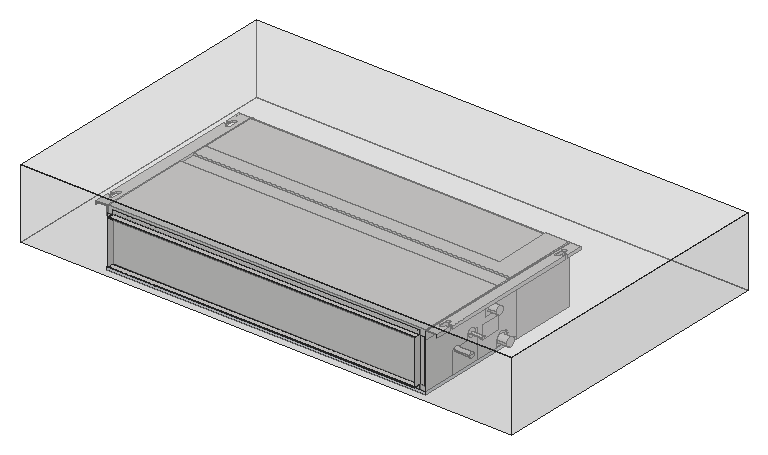
Revit family "outputfile", category 機械設備, Revit 2024
Family settings
  丸型コネクタ寸法 = 半径を使用
  パーツ タイプ = 標準
  OmniClass 番号 = 23.75.10.24.21.27.27
  OmniClass タイトル = Split System Air Conditioning Units
  作業面ベース = いいえ
  常に垂直 = はい
  ロード時にボイドで切り取り = いいえ
  注釈の向きを維持 = いいえ
  共有 = いいえ
  部屋計算ポイント = はい
Parameters (values of type "FXDQ63NDVE4")
  Description = ""
  製造元 = "Daikin"
  書き出し IFC クラス(タイプ) = "IfcUnitaryEquipmentType"
  定義済み IFC タイプ(タイプ) = "AIRCONDITIONINGUNIT"
  Cost = 0
  モデル = "FXDQ63NDVE4"
  Type Comments = ""
  Keynote = ""
  Type Image = (empty or 0)
  Assembly Code = ""
  w_pipe = 33.0 mm
  r_Liquid Pipe Size = Liquid Pipe Size / 2  # 4.75 mm
  r_Gas Pipe Size = Gas Pipe Size / 2  # 7.95 mm
  r_Drain Pipe Size = Drain Pipe Size / 2  # 10.0 mm
  lw_powersupply = 504.0 mm
  lw_ductflange2 = 1020.0 mm
  lw_Width = 1060.0 mm
  lh_suctionflange [instance] = if(Rear Connection_Return Air, 100.0 mm + [h***], 190.0 mm + [h***])  # 100.0 mm
  ld_suctionflange [instance] = if(Rear Connection_Return Air, 190.0 mm, 100.0 mm)  # 190.0 mm
  ld_powersupply = 60.0 mm
  angle_vertical_RA [instance] = if(Rear Connection_Return Air, 90.00°, 0.00°)  # 90.00°
  angle horizontal_RA [instance] = if(Rear Connection_Return Air, 180.00°, 270.00°)  # 180.00°
  Voltage_comment_60Hz = "220"
  Voltage_comment_50Hz = "220-240"
  Voltage_60Hz = 220 V
  Voltage_50Hz = 220 V
  URL = ""
  Supply Air Direction [instance] = yes
  Sound Power Level_H speed (dB) = 59
  Rear Connection_Return Air [instance] = not(Bottom Connection_Return Air)  # yes
  RA_length = 190.0 mm  # constant formula
  Phase_60Hz = 1
  Phase_50Hz = 1
  Minimum External Static Pressure = 15.00 Pa
  Minimum Circuit Amps_60Hz = 1.4 A
  Minimum Circuit Amps_50Hz = 1.1 A
  Maximum Fuse Amps_60Hz = 16.0 A
  Maximum Fuse Amps_50Hz = 16.0 A
  Maximum External Static Pressure = 44.00 Pa
  Material_Casing = DAIKIN_GalvanizedSteel_Casing_indoorunit
  lw_liquidpipe = 46.0 mm  # constant formula
  lw_gaspipe = 57.0 mm  # constant formula
  lw_mountinghole_pitch = 1140.0 mm
  lw_mountinghole = 20.0 mm  # constant formula
  lw_drainpipe = 33.0 mm  # constant formula
  lh_powersupply = 10.0 mm
  lh_liquidpipe = 110.0 mm
  lh_gaspipe = 87.0 mm
  lh_mountinghole = Height + [h***]  # 200.0 mm
  lh_drainpipe = 150.0 mm
  lh_antena = 1.0 mm  # constant formula
  ld_liquidpipe = 193.0 mm  # constant formula
  ld_gaspipe = 130.0 mm  # constant formula
  ld_mountinghole_pitch = 0.0 mm  # constant formula
  ld_drainpipe = 280.0 mm
  ld_controlbox = 626.0 mm  # constant formula
  h*** = 0.0 mm  # constant formula
  d_dischargeflange = 21.2 mm  # constant formula
  Width = 1100.0 mm
  Version = "ver.1.0"
  Unit Type = "Slim Duct (Standard) Type"
  Unit Mass Weight = 31.00 kg
  Unit Designation [instance] = ""
  Uniclass2015Version = "Products v1.30"
  Uniclass2015Title = "Variable refrigerant flow units"
  Uniclass2015Code = "Pr_70_65_03_94"
  Total Heating Capacity [instance] = 0.000 kW
  Total Cooling Capacity [instance] = 0.000 kW
  Sound Pressure Level_M speed (dBA) = 0
  Sound Pressure Level_L speed (dBA) = 29
  Sound Pressure Level_H speed (dBA) = 33
  Series = "VRV Fan Coil Unit"
  Sensible Cooling Capacity [instance] = 0.000 kW
  SA Duct Size Width = 1060.0 mm
  SA Duct Size Height = 153.0 mm
  Refrigerant Type = "R410A"
  RA Duct Size Width = 1000.0 mm
  RA Duct Size Height = 180.0 mm
  Power Input (Heating) = 0.168 kW
  Power Input (Cooling) = 0.181 kW
  Option Accessory 3 [instance] = ""
  Option Accessory 2 [instance] = ""
  Option Accessory 1 [instance] = ""
  Nominal Heating Capacity = 8.000 kW
  Nominal Cooling Capacity = 7.100 kW
  Minimum Airflow = 780.00 m³/h
  Median Airflow = 870.00 m³/h
  Maximum Airflow = 990.00 m³/h
  Load Classification = HVAC
  Liquid Pipe Size = 9.5 mm
  Link_Nested Family [instance] = ""
  IfcVersion = "0"
  IfcExportType = "AIRCONDITIONINGUNIT"
  IfcExportAs = "IfcUnitaryEquipmentType"
  Height = 200.0 mm
  Heating Entering Wet Bulb Temperature [instance] = 0.00 °C
  Heating Entering Dry Bulb Temperature [instance] = 0.00 °C
  Heating Ambient Wet Bulb Temperature [instance] = 0.00 °C
  Heating Ambient Dry Bulb Temperature [instance] = 0.00 °C
  Heat Exchanger Type = "Cross Fin Coil"
  Gas Pipe Size = 15.9 mm
  Frequency_60Hz = 60 Hz
  Frequency_50Hz = 50 Hz
  Fan Type = "Sirocco Fan"
  Fan Drive = "Direct Drive"
  FCU Tag No. [instance] = ""
  Drain Pipe Size = 20.0 mm
  Design Supply Airflow [instance] = 0.00 m³/h
  Design Return Airflow [instance] = 0.00 m³/h
  Design External Static Pressure [instance] = 0.00 Pa
  Depth = 620.0 mm
  既定の高さ = 0.0 mm
  Cooling Entering Wet Bulb Temperature [instance] = 0.00 °C
  Cooling Entering Dry Bulb Temperature [instance] = 0.00 °C
  Cooling Ambient Wet Bulb Temperature [instance] = 0.00 °C
  Cooling Ambient Dry Bulb Temperature [instance] = 0.00 °C
  Clearance visibility [instance] = yes
  Clearance Top = 20.0 mm
  Clearance Right = 300.0 mm
  Clearance Rear = 400.0 mm
  Clearance Left = 300.0 mm
  Clearance Front = 0.0 mm
  Clearance Bottom = 20.0 mm
  Bottom Connection_Return Air [instance] = no
Reference planes
  plane 1 "Center (Front/Back)": y = 0
  plane 2: z = 0
  plane 3 "Center (Left/Right)": x = 0
  plane 4 "Back": y = 310
  plane 5 "Front": y = -310
  plane 6 "Left": x = -550
  plane 7 "Right": x = 550
  plane 8 "Top": z = 0
  plane 9 "Bottom": z = -200
  plane 10: x = 330
  plane 11: x = -330
  plane 12: z = -190
  plane 13: z = -6
  plane 14: z = -22
  plane 15: z = -90
  plane 16: z = -113
  plane 17: x = -304
  plane 18: x = 304
  plane 19: x = -570
  plane 20: x = 570
  plane 21: y = 250
  plane 22: y = 250
  plane 23: x = -590
  plane 24: x = 390
  plane 25: x = 596
  plane 26: x = 607
  plane 27: x = 583
  plane 28: z = 0
  plane 29: z = -50
  plane 30 "Clearance Left": x = -850
  plane 31 "Clearance Right": x = 850
  plane 32 "Clearance Rear": y = 710
  plane 33 "Clearance Front": y = -310
  plane 34 "Clearance Top": z = 20
  plane 35 "Clearance Bottom": z = -220
  plane 36: z = -21
  plane 37: z = -170
  plane 38: z = -96.5
  plane 39: x = -40
  plane 40: y = -180
  plane 41: y = -117
  plane 42: y = -30
  plane 43: y = 20
  plane 44: z = -97.5
  plane 45: y = -309
  plane 46: x = -549
  plane 47: z = -100
  plane 48: z = -30
  plane 49: y = 210
  plane 50: z = 301
  plane 51: z = -199
  plane 52: y = 120
  plane 53: z = -101
  plane 54: x = 580
  plane 55: x = 545
  plane 56: x = 555
  plane 57: x = 551
  plane 58: x = 469
  plane 59: x = 549.004
  plane 60: x = -549
  plane 61: x = 504
  plane 62: z = -189
Forms (mm)
  Extrusion 1, solid
    sketch origin (0, 0, 0) x (1, 0, 0) y (0, 0, 1)
      loop
        line (-550, -190) -> (-550, -200) -> (550, -200) -> (550, -190) -> (-550, -190)
    from -84 to 310
  Extrusion 2, solid, material "DAIKIN_GalvanizedSteel_Casing_indoorunit" <- "Material_Casing"
    sketch origin (0, 0, 0) x (1, 0, 0) y (0, 1, 0)
      loop
        line (-550, -309) -> (550, -309) -> (550, 310) -> (-550, 310) -> (-550, -309)
    from -200 to 0
  Extrusion 3, void
    sketch origin (0, 0, 1) x (1, 0, 0) y (0, 1, 0)
      loop
        line (-550, 62.179) -> (-550, 4.179) -> (550, 4.179) -> (550, 62.179) -> (-550, 62.179)
    from -1 to -7
  Extrusion 4, void
    sketch origin (0, 0, 0) x (0, 1, 0) y (0, 0, 1)
      loop
        line (-5, -190) -> (45, -190) -> (45, -170)
        arc (45, -170) -> (20, -145) -> (-5, -170) r 25
        line (-5, -170) -> (-5, -190)
    from 550 to 545
  Revolve 5, solid, material "DAIKIN_GalvanizedSteel_Casing_indoorunit" <- "Material_Casing"
    sketch origin (0, 0, -113) x (0, -1, 0) y (1, 0, 0)
      loop
        line (172.05, 551) -> (180, 551) -> (180, 607) -> (172.05, 607) -> (172.05, 551)
      axis (180, 551) -> (180, 607)
    angle from 0 to 360
  Revolve 6, solid, material "DAIKIN_GalvanizedSteel_Casing_indoorunit" <- "Material_Casing"
    sketch origin (0, 0, -90) x (0, -1, 0) y (1, 0, 0)
      loop
        line (117, 551) -> (117, 596) -> (112.25, 596) -> (112.25, 551) -> (117, 551)
      axis (117, 596) -> (117, 551)
    angle from 0 to 360
  Extrusion 7, solid, material "DAIKIN_GalvanizedSteel_Casing_indoorunit" <- "Material_Casing"
    sketch origin (0, 0, 0) x (0, 1, 0) y (0, 0, 1)
      loop
        circle (-116, -90) r 12.7
    from 550 to 555
  Extrusion 8, solid, material "DAIKIN_GalvanizedSteel_Casing_indoorunit" <- "Material_Casing"
    sketch origin (0, 0, 0) x (0, 1, 0) y (0, 0, 1)
      loop
        circle (20, -170) r 15
    from 580 to 545
  Extrusion 9, solid, material "DAIKIN_GalvanizedSteel_Casing_indoorunit" <- "Material_Casing"
    sketch origin (0, 0, 0) x (0, 1, 0) y (0, 0, 1)
      loop
        line (-52, -30) -> (-52, -70) -> (-11, -70) -> (-11, -30) -> (-52, -30)
    from 550 to 551
  Extrusion 10, solid, material "DAIKIN_GalvanizedSteel_Casing_indoorunit" <- "Material_Casing"
    sketch origin (0, 0, 0) x (0, 1, 0) y (0, 0, 1)
      loop
        circle (-30, -50.064) r 13
    from 550 to 583
  Extrusion 11, solid, material "DAIKIN_GalvanizedSteel_Casing_indoorunit" <- "Material_Casing"
    sketch origin (0, 0, 0) x (0, 1, 0) y (0, 0, 1)
      loop
        line (-63.609, -90) -> (-63.609, -136) -> (0.391, -136) -> (0.391, -90) -> (-63.609, -90)
    from 550 to 551
  Extrusion 12, solid, material "DAIKIN_GalvanizedSteel_Casing_indoorunit" <- "Material_Casing"
    sketch origin (0, 0, 0) x (1, 0, 0) y (0, 0, 1)
      loop
        line (-550, -190) -> (-550, -200) -> (550, -200) -> (550, -190) -> (-550, -190)
    from -84 to 310
  Extrusion 13, solid, material "DAIKIN_GalvanizedSteel_Casing_indoorunit" <- "Material_Casing", visible <- "Bottom Connection_Return Air"
    sketch origin (0, 0, 0) x (1, 0, 0) y (0, 0, 1)
      loop
        line (469, -200) -> (469, -1) -> (-549, -1) -> (-549, -200) -> (469, -200)
    from -310 to -309
  Extrusion 14, void
    sketch origin (0, 0, 0) x (1, 0, 0) y (0, 0, 1)
      loop
        line (469, 0) -> (-549, 0) -> (-549, -1) -> (469, -1) -> (469, 0)
    from -310 to -111
  Extrusion 15, solid, material "DAIKIN_GalvanizedSteel_Casing_indoorunit" <- "Material_Casing", visible <- "Rear Connection_Return Air"
    sketch origin (0, 0, 0) x (1, 0, 0) y (0, 1, 0)
      loop
        line (-549, 310) -> (-549, 111) -> (469, 111) -> (469, 310) -> (-549, 310)
    from -200 to -199
  Extrusion 16, solid, material "DAIKIN_GalvanizedSteel_Casing_indoorunit" <- "Material_Casing"
    sketch origin (0, 0, 0) x (0, 1, 0) y (0, 0, 1)
      loop
        line (-194, -113) -> (-194, -190) -> (-88.3, -190) -> (-88.3, -90) -> (-103.3, -90)
        arc (-103.3, -90) -> (-116, -102.7) -> (-128.7, -90) r 12.7
        line (-128.7, -90) -> (-128.7, -113) -> (-173.65, -113)
        arc (-173.65, -113) -> (-180, -119.35) -> (-186.35, -113) r 6.35
        line (-186.35, -113) -> (-194, -113)
    from 551 to 550
  Extrusion 17, solid, material "DAIKIN_GalvanizedSteel_Casing_indoorunit" <- "Material_Casing"
    sketch origin (0, 0, 0) x (0, 1, 0) y (0, 0, 1)
      loop
        line (84, -199) -> (310, -199) -> (310, -22) -> (91, -22) -> (84, -29) -> (84, -199)
    from 551 to 550
Cuts and joins
  Extrusion 3, Extrusion 4, Extrusion 14 cuts Extrusion 2
  Extrusion 4 cuts Extrusion 1
  Extrusion 14 cuts Extrusion 12
Dimensions and locks
  "lh_powersupply": plane 12 to plane 9 "Bottom"
  locked: plane 8 "Top" to plane 13 at 6
  "Height": plane 8 "Top" to plane 9 "Bottom"
  equal spacing: plane 17, plane 3 "Center (Left/Right)", plane 18, locked at 304 each
  locked: plane 17 to plane 18 at 608
  equal spacing: plane 19, plane 3 "Center (Left/Right)", plane 20
  "lw_mountinghole_pitch": plane 19 to plane 20
  locked: plane 14 to plane 9 "Bottom" at 178
  "lw_mountinghole": plane 23 to plane 19
  "lh_liquidpipe": plane 15 to plane 9 "Bottom"
  "lh_gaspipe": plane 16 to plane 9 "Bottom"
  "lh_mountinghole": plane 28 to plane 9 "Bottom"
  "ld_mountinghole_pitch": plane 22 to plane 21
  equal spacing: plane 6 "Left", plane 3 "Center (Left/Right)", plane 7 "Right"
  "Width": plane 6 "Left" to plane 7 "Right"
  "lh_drainpipe": plane 29 to plane 9 "Bottom"
  "Clearance Right": plane 7 "Right" to plane 31 "Clearance Right"
  "Clearance Left": plane 30 "Clearance Left" to plane 6 "Left"
  "lw_gaspipe": plane 7 "Right" to plane 26
  "lw_liquidpipe": plane 7 "Right" to plane 25
  "lw_drainpipe": plane 7 "Right" to plane 27
  "Clearance Rear": plane 32 "Clearance Rear" to plane 4 "Back"
  "Clearance Front": plane 5 "Front" to plane 33 "Clearance Front"
  "Clearance Top": plane 34 "Clearance Top" to plane 8 "Top"
  "Clearance Bottom": plane 9 "Bottom" to plane 35 "Clearance Bottom"
  "ld_powersupply": plane 4 "Back" to plane 22
  locked: plane 8 "Top" to plane 36 at 21
  locked: plane 8 "Top" to plane 37 at 170
  locked: plane 40 to plane 41 at 63
  locked: plane 38 to plane 9 "Bottom" at 103.5
  locked: plane 36 to plane 44 at 76.5
  "Depth": plane 4 "Back" to plane 5 "Front"
  equal spacing: plane 4 "Back", plane 1 "Center (Front/Back)", plane 5 "Front"
  locked: plane 45 to plane 5 "Front" at 1
  locked: plane 46 to plane 6 "Left" at 1
  Extrusion 13 sketch curve to Extrusion 13 sketch curve = 199.0 mm
  nested 11 to plane 39 = 500.0 mm
  locked: plane 12 to plane 47 at 90
  plane 32 "Clearance Rear" to Extrusion 13 = 401.0 mm
  locked: plane 48 to plane 35 "Clearance Bottom" at 190
  plane 49 to nested 12 = 90.0 mm
  plane 50 to plane 28 = 301.0 mm
  locked: plane 51 to plane 9 "Bottom" at 1
  "ld_suctionflange": plane 4 "Back" to plane 52
  locked: plane 53 to plane 9 "Bottom" at 99
  locked: plane 7 "Right" to plane 54 at 30
  locked: plane 55 to plane 7 "Right" at 5
  locked: plane 7 "Right" to plane 56 at 5
  locked: plane 7 "Right" to plane 57 at 1
  plane 7 "Right" to plane 58 = 81.0 mm
  locked: plane 7 "Right" to plane 59 at 0.996
  locked: plane 60 to plane 6 "Left" at 1
  "lw_powersupply": plane 3 "Center (Left/Right)" to plane 61
  "r_Gas Pipe Size": nested 6 to Revolve 5 sketch curve
  "r_Liquid Pipe Size": nested 5 to Revolve 6 sketch curve
  locked: plane 62 to plane 9 "Bottom" at 11
  aligned and locked: level to plane 2
  aligned and locked: Extrusion 2 to plane 9 "Bottom"
  aligned and locked: plane 8 "Top" to Extrusion 2
  aligned and locked: Revolve 5 sketch curve to Revolve 5 sketch curve
  aligned and locked: plane 15 to Extrusion 7 sketch curve
  aligned and locked: cut or joined group of Extrusion 1, Extrusion 4 to plane 9 "Bottom"
  aligned and locked: plane 27 to Extrusion 10
  aligned and locked: plane 25 to nested 5
  aligned and locked: nested 5 to plane 15
  aligned and locked: nested 1 to plane 22
  aligned and locked: plane 20 to nested 2
  aligned and locked: plane 19 to nested 3
  aligned and locked: plane 22 to nested 4
  aligned and locked: nested 4 to plane 22
  aligned and locked: plane 19 to nested 4
  aligned and locked: plane 29 to nested 7
  aligned and locked: Extrusion 10 to nested 7
  aligned and locked: plane 27 to nested 7
  aligned and locked: nested 10 to plane 12
  aligned and locked: Extrusion 12 to plane 5 "Front"
  aligned and locked: Extrusion 12 to plane 9 "Bottom"
  aligned and locked: nested 6 to plane 16
  aligned and locked: plane 40 to nested 6
  aligned and locked: plane 41 to nested 5
  aligned and locked: plane 42 to nested 7
  aligned and locked: Extrusion 8 sketch curve to plane 43
  aligned and locked: plane 4 "Back" to Extrusion 14
  aligned and locked: Extrusion 15 to nested 12
  aligned and locked: plane 8 "Top" to Extrusion 3
  aligned and locked: Extrusion 13 to cut or joined group of Extrusion 2, Extrusion 3, Extrusion 4, Extrusion 14
  aligned and locked: plane 9 "Bottom" to Extrusion 15  (x2)
  aligned and locked: Extrusion 15 to plane 51
  aligned and locked: plane 4 "Back" to nested 11
  aligned and locked: Extrusion 14 to level
  aligned and locked: plane 32 "Clearance Rear" to nested 13
  aligned and locked: plane 31 "Clearance Right" to nested 13
  aligned and locked: plane 30 "Clearance Left" to nested 13
  aligned and locked: nested 13 to plane 33 "Clearance Front"
  aligned and locked: nested 13 to plane 34 "Clearance Top"
  aligned and locked: nested 13 to plane 35 "Clearance Bottom"
  aligned and locked: plane 7 "Right" to Extrusion 16  (x2)
  aligned and locked: plane 4 "Back" to Extrusion 17
  aligned and locked: Extrusion 17 to plane 51
  aligned and locked: plane 7 "Right" to Extrusion 17  (x2)
  aligned and locked: Extrusion 16 to Revolve 5 sketch curve
  aligned and locked: Extrusion 3 to plane 13
  aligned and locked: plane 52 to nested 14
  aligned and locked: nested 12 to Extrusion 14
  aligned and locked: Extrusion 11 to plane 7 "Right"
  aligned and locked: Extrusion 7 to plane 7 "Right"
  aligned and locked: plane 7 "Right" to cut or joined group of Extrusion 2, Extrusion 3, Extrusion 4, Extrusion 14  (x2)
  aligned and locked: cut or joined group of Extrusion 2, Extrusion 3, Extrusion 4, Extrusion 14 to plane 55
  aligned and locked: Extrusion 8 to plane 55
  aligned and locked: plane 54 to Extrusion 8
  aligned and locked: plane 56 to Extrusion 7
  aligned and locked: plane 57 to Extrusion 17
  aligned and locked: Extrusion 16 to plane 57
  aligned and locked: Extrusion 11 to plane 57
  aligned and locked: plane 26 to nested 6
  aligned and locked: Extrusion 9 to plane 57
  aligned and locked: Extrusion 9 to plane 7 "Right"
  aligned and locked: Extrusion 10 to plane 7 "Right"
  aligned and locked: plane 58 to Extrusion 14 sketch curve
  aligned and locked: Extrusion 13 sketch curve to plane 58
  aligned and locked: plane 3 "Center (Left/Right)" to nested 15
  aligned and locked: Extrusion 15 to plane 58
  aligned and locked: plane 6 "Left" to nested 11
  aligned and locked: plane 8 "Top" to nested 15
  aligned and locked: plane 4 "Back" to nested 15
  aligned and locked: cut or joined group of Extrusion 2, Extrusion 3, Extrusion 4, Extrusion 14 to plane 45
  aligned and locked: nested 10 to plane 61
  aligned and locked: plane 20 to nested 1
  aligned and locked: nested 12 to plane 58
  aligned and locked: nested 9 to plane 1 "Center (Front/Back)"
  aligned and locked: plane 3 "Center (Left/Right)" to nested 9
  aligned and locked: plane 51 to nested 12
  aligned and locked: nested 11 to plane 51
  aligned and locked: nested 16 to plane 62
  aligned and locked: plane 13 to nested 16
  aligned and locked: plane 45 to nested 16
  aligned and locked: level to plane 8 "Top"
Automatic sketch dimensions
  Extrusion 1 sketch curve to plane 6 "Left" = 0.0 mm
  Extrusion 1 sketch curve to plane 7 "Right" = 0.0 mm
  Extrusion 1 sketch curve to plane 9 "Bottom" = 0.0 mm
  Extrusion 1 sketch curve to plane 12 = 0.0 mm
  Extrusion 2 sketch curve to plane 4 "Back" = 0.0 mm
  Extrusion 2 sketch curve to plane 6 "Left" = 0.0 mm
  Extrusion 2 sketch curve to plane 7 "Right" = 0.0 mm
  Extrusion 2 sketch curve to plane 45 = 0.0 mm
  Extrusion 3 sketch curve to plane 6 "Left" = 0.0 mm
  Extrusion 3 sketch curve to plane 7 "Right" = 0.0 mm
  Extrusion 3 sketch curve to plane 1 "Center (Front/Back)" = 4.179 mm
  plane 43 to Extrusion 3 sketch curve = 42.179 mm
  Extrusion 4 sketch curve to plane 37 = 0.0 mm
  Extrusion 4 sketch curve to plane 12 = 0.0 mm
  Extrusion 4 sketch curve to plane 43 = 0.0 mm
  plane 1 "Center (Front/Back)" to Extrusion 4 sketch curve = 5.0 mm
  plane 41 to Extrusion 7 sketch curve = 1.0 mm
  Extrusion 8 sketch curve to plane 37 = 0.0 mm
  Extrusion 9 sketch curve to plane 42 = 22.0 mm
  plane 1 "Center (Front/Back)" to Extrusion 9 sketch curve = 11.0 mm
  plane 15 to Extrusion 9 sketch curve = 20.0 mm
  Extrusion 9 sketch curve to plane 14 = 8.0 mm
  Extrusion 10 sketch curve to plane 42 = 0.0 mm
  Extrusion 10 sketch curve to plane 29 = 0.064 mm
  plane 15 to Extrusion 11 sketch curve = 0.0 mm
  Extrusion 11 sketch curve to plane 42 = 33.609 mm
  Extrusion 11 sketch curve to plane 1 "Center (Front/Back)" = 0.391 mm
  Extrusion 11 sketch curve to plane 16 = 23.0 mm
  Extrusion 12 sketch curve to plane 6 "Left" = 0.0 mm
  Extrusion 12 sketch curve to plane 7 "Right" = 0.0 mm
  Extrusion 12 sketch curve to plane 9 "Bottom" = 0.0 mm
  Extrusion 12 sketch curve to plane 12 = 0.0 mm
  plane 46 to Extrusion 13 sketch curve = 0.0 mm
  plane 46 to Extrusion 14 sketch curve = 0.0 mm
  Extrusion 14 sketch curve to plane 8 "Top" = 1.0 mm
  Extrusion 15 sketch curve to plane 46 = 0.0 mm
  Extrusion 15 sketch curve to plane 4 "Back" = 0.0 mm
  plane 18 to Extrusion 15 sketch curve = 165.0 mm
  plane 43 to Extrusion 15 sketch curve = 91.0 mm
  plane 35 "Clearance Bottom" to Extrusion 14 sketch curve = 220.0 mm
  Extrusion 13 sketch curve to plane 51 = 1.0 mm
  Extrusion 16 sketch curve to plane 12 = 0.0 mm
  Extrusion 16 sketch curve to plane 16 = 0.0 mm
  Extrusion 16 sketch curve to plane 40 = 0.0 mm
  Extrusion 16 sketch curve to plane 15 = 0.0 mm
  Extrusion 16 sketch curve to Extrusion 16 sketch curve = 6.35 mm
  Extrusion 16 sketch curve to Extrusion 16 sketch curve = 7.65 mm
  Extrusion 16 sketch curve to plane 41 = 11.7 mm
  plane 41 to Extrusion 16 sketch curve = 1.0 mm
  Extrusion 16 sketch curve to Extrusion 16 sketch curve = 27.7 mm
  Extrusion 17 sketch curve to plane 51 = 0.0 mm
  Extrusion 17 sketch curve to plane 14 = 0.0 mm
  plane 48 to Extrusion 17 sketch curve = 1.0 mm
  plane 43 to Extrusion 17 sketch curve = 64.0 mm
  Extrusion 17 sketch curve to Extrusion 17 sketch curve = 7.0 mm
  Extrusion 17 sketch curve to plane 4 "Back" = 0.0 mm
  Revolve 5 sketch curve to plane 26 = 0.0 mm
  Revolve 5 sketch curve to plane 40 = 0.0 mm
  Revolve 5 sketch curve to Revolve 5 sketch curve = 1.003 mm
  plane 26 to Revolve 5 sketch curve = 1.003 mm
  Revolve 6 sketch curve to plane 41 = 0.0 mm  (x2)
  Revolve 6 sketch curve to plane 25 = 0.0 mm  (x2)
  Revolve 6 sketch curve to plane 57 = 0.0 mm  (x2)
  radius of Extrusion 7 sketch curve = 12.7 mm
  radius of Extrusion 8 sketch curve = 15.0 mm
  radius of Extrusion 10 sketch curve = 13.0 mm
Nested families
  nested 1: "daikin_mountinghole" at (570, 250, -200), l_antenna <- "lh_antena", Link_Nested Family <- "Link_Nested Family", h_mountinghole <- "lh_mountinghole", type "daikin_mountinghole"
    with show yes, l_antenna 1.0 mm, h_mountinghole 200.0 mm, Link_Nested Family ""
  nested 2: "daikin_mountinghole" at (570, -250, -200), Link_Nested Family <- "Link_Nested Family", l_antenna <- "lh_antena", h_mountinghole <- "lh_mountinghole", type "daikin_mountinghole"
    with show yes, l_antenna 1.0 mm, h_mountinghole 200.0 mm, Link_Nested Family ""
  nested 3: "daikin_mountinghole" at (-570, -250, -200), l_antenna <- "lh_antena", Link_Nested Family <- "Link_Nested Family", h_mountinghole <- "lh_mountinghole", type "daikin_mountinghole"
    with show yes, l_antenna 1.0 mm, h_mountinghole 200.0 mm, Link_Nested Family ""
  nested 4: "daikin_mountinghole" at (-570, 250, -200), l_antenna <- "lh_antena", Link_Nested Family <- "Link_Nested Family", h_mountinghole <- "lh_mountinghole", type "daikin_mountinghole"
    with show yes, l_antenna 1.0 mm, h_mountinghole 200.0 mm, Link_Nested Family ""
  nested 5: "daikin_connector_rotate2" at (550, -117, -90) x (0, 1, 0) z (0, 0, 1), length <- "lw_liquidpipe", built-in parameter 1001364 <- "lh_liquidpipe", radius <- "r_Liquid Pipe Size", type "daikin_connector_rotate2"
    with radius 4.75 mm, length 46.0 mm, angle_vertical 90.00°
  nested 6: "daikin_connector_rotate2" at (550, -180, -113) x (0, 1, 0) z (0, 0, 1), length <- "lw_gaspipe", built-in parameter 1001364 <- "lh_gaspipe", radius <- "r_Gas Pipe Size", type "daikin_connector_rotate2"
    with radius 7.95 mm, length 57.0 mm, angle_vertical 90.00°
  nested 7: "daikin_connector_rotate2" at (550, -30, -50) x (0, 1, 0) z (0, 0, 1), built-in parameter 1001364 <- "lh_drainpipe", length <- "lw_drainpipe", radius <- "r_Drain Pipe Size", type "daikin_connector_rotate2"
    with radius 10.0 mm, length 33.0 mm, angle_vertical 90.00°
  nested 8: "daikin_connector_rotate2" at (0, -309, -97.5), length <- "d_dischargeflange", type "daikin_connector_rotate2"
    with radius 10.0 mm, length 21.2 mm, angle_vertical 90.00°
  nested 9: "daikin_△_symbolicline" at (-75, -129.904, 200) x (-0.5, 0.866, 0) z (0, 0, 1), built-in parameter 1001364 <- "Height", visible <- "Supply Air Direction", type "daikin_△_symbolicline"
    with length 300.0 mm
  nested 10: "daikin_connector_rotate2" at (504, 250, -190) x (-1, 0, 0) z (0, 0, 1), built-in parameter 1001364 <- "lw_powersupply", length <- "ld_powersupply", type "daikin_connector_rotate2"
    with radius 10.0 mm, length 60.0 mm, angle_vertical 90.00°
  nested 11: "daikin_ductflange_FXDQ-NDVE4_2" at (-40, 310, -100), visible <- "Rear Connection_Return Air", material <- "Material_Casing", width <- "lw_ductflange2", type "daikin_ductflange_FXDQ-NDVE4_2"
    with width 1020.0 mm, material DAIKIN_GalvanizedSteel_Casing_indoorunit, height 180.0 mm, depth 21.2 mm
  nested 12: "daikin_ductflange_FXDQ-NDVE4_2" at (-40, 210, -200) x (1, 0, 0) z (0, 1, 0), visible <- "Bottom Connection_Return Air", material <- "Material_Casing", width <- "lw_ductflange2", type "daikin_ductflange_FXDQ-NDVE4_2"
    with width 1020.0 mm, material DAIKIN_GalvanizedSteel_Casing_indoorunit, height 180.0 mm, depth 21.2 mm
  nested 13: "daikin_clearancespace" at (0, 200, -99.881), visible <- "Clearance visibility", show <- "Clearance visibility", Link_Nested Family <- "Link_Nested Family", type "daikin_clearancespace"
    with width 1700.0 mm, show yes, height 240.0 mm, depth 1020.0 mm, Link_Nested Family ""
  nested 14: "daikin_connector_rotate3" at (-40, 120, -100), built-in parameter 1001364 <- "lh_suctionflange", angle_vertical <- "angle_vertical_RA", angle_horizontal <- "angle horizontal_RA", length <- "RA_length", type "daikin_connector_rotate3"
    with show no, radius 10.0 mm, length 190.0 mm, angle_vertical 90.00°, angle_horizontal 180.00°
  nested 15: "daikin_hangerfixture_FXDQ-NDVE4" at (0, 0.5, 0), type "daikin_hangerfixture_FXDQ-NDVE4"
    with width 1100.0 mm
  nested 16: "daikin_ductflange_FXDQ-NDVE4_1" at (0, 4.5, -364.201), material <- "Material_Casing", width <- "lw_Width", type "daikin_ductflange_FXDQ-NDVE4_1"
    with width 1060.0 mm, material DAIKIN_GalvanizedSteel_Casing_indoorunit, height 155.0 mm, depth 21.2 mm
Connectors
  piping at (607, -180, -113), diameter 15.9, driven by "r_Gas Pipe Size"
    settings: on nested 6, index 1, connector inside diameter 609.6 mm, connector length 0.0 mm, flow factor 0, pipe flow 0.00 m³/h, pressure drop 0.0 Pa, fitting loss kfactor 0, connector angle 0.00°, fixture units 0, engagement length 0.0 mm, angle of deflection 0.00°, flow configuration 1, flow direction 2, fitting loss method 0, system type 29, joint type 0, gender type 0, connector reference index -1, connector utility 0, adjustable connector no, is connector primary yes, connector description "Refrigerant Gas Piping"
  piping at (596, -117, -90), diameter 9.5, driven by "r_Liquid Pipe Size"
    settings: on nested 5, index 2, connector inside diameter 609.6 mm, connector length 0.0 mm, flow factor 0, pipe flow 0.00 m³/h, pressure drop 0.0 Pa, fitting loss kfactor 0, connector angle 0.00°, fixture units 0, engagement length 0.0 mm, angle of deflection 0.00°, flow configuration 1, flow direction 1, fitting loss method 0, system type 29, joint type 0, gender type 0, connector reference index -1, connector utility 0, adjustable connector no, is connector primary no, connector description "Refrigerant Liquid Piping"
  piping at (583, -30, -50), diameter 20, driven by "r_Drain Pipe Size"
    settings: on nested 7, index 3, connector inside diameter 609.6 mm, connector length 0.0 mm, flow factor 0, pipe flow 0.00 m³/h, pressure drop 0.0 Pa, fitting loss kfactor 0, connector angle 0.00°, fixture units 0, engagement length 0.0 mm, angle of deflection 0.00°, flow configuration 1, flow direction 2, fitting loss method 4, system type 16, joint type 0, gender type 0, connector reference index -1, connector utility 0, adjustable connector no, is connector primary no, connector description "Condensate Drain Piping"
  hvac at (0, -330.2, -97.5), driven by "SA Duct Size Height", driven by "SA Duct Size Width"
    settings: on nested 8, index 7, duct flow 0.00 m³/h, flow factor 0, pres drop 0.00 Pa, loss coef 0, conn angle 0.00°, conn width 1060.0 mm, conn height 153.0 mm, conn diameter 609.6 mm, duct sys type 1, conn prof type 1, flow config 0, flow direction 2, loss method 4, conn ref index -1, conn util no, is conn primary yes, conn desc "SA Duct"
  electrical at (504, 310, -190), driven by "Load Classification"
    settings: on nested 10, index 9, voltage 0 V, apparent load 0 VA, apparent load phase1 0 VA, apparent load phase2 0 VA, apparent load phase3 0 VA, power factor 1, load classification "HVAC", number of poles 1, system type 30, power factor state 1, is connector primary yes, connector utility no, sub classification motor no, connector description "Power Supply"
  hvac at (-40, 310, -100), driven by "RA Duct Size Height", driven by "RA Duct Size Width"
    settings: on nested 14, index 10, duct flow 0.00 m³/h, flow factor 0, pres drop 0.00 Pa, loss coef 0, conn angle 0.00°, conn width 1000.0 mm, conn height 180.0 mm, conn diameter 609.6 mm, duct sys type 2, conn prof type 1, flow config 0, flow direction 1, loss method 4, conn ref index -1, conn util no, is conn primary no, conn desc "RA Duct"
Definition of nested family "daikin_ductflange_FXDQ-NDVE4_2"
  Parameters (values of type "daikin_ductflange_FXDQ-PDVE2")
    width [instance] = 620.0 mm
    material [instance] = none
    height [instance] = 180.0 mm
    depth [instance] = 21.2 mm
    Default Elevation = 0.0 mm
  Reference planes
    plane 1 "Center (Front/Back)": y = 0
    plane 2: z = 0
    plane 3 "Center (Left/Right)": x = 0
    plane 4: y = -313.5
    plane 5: y = -334.7
    plane 6: x = -310
    plane 7: x = 310
    plane 8: z = 90
    plane 9: z = -90
    plane 10: z = 100
    plane 11: z = -100
    plane 12: x = -309
    plane 13: x = 309
  Forms (mm)
    Extrusion 1, solid, material <- "material"
      sketch origin (0, 0, 0) x (1, 0, 0) y (0, 0, 1)
        loop
          line (-300, 90) -> (-300, -90) -> (300, -90) -> (300, 90) -> (-300, 90)
        loop
          line (-309, -99) -> (309, -99) -> (309, 99) -> (-309, 99) -> (-309, -99)
      from 0 to 1
  Dimensions and locks
    plane 4 to plane 1 "Center (Front/Back)" = 313.5 mm
    "depth": plane 5 to plane 4
    equal spacing: plane 7, plane 3 "Center (Left/Right)", plane 6, locked at 310 each
    "width": plane 7 to plane 6
    equal spacing: plane 8, level, plane 9, locked at 90 each
    "height": plane 8 to plane 9
    equal spacing: plane 10, level, plane 11, locked at 100 each
    locked: plane 10 to plane 11 at 200
    plane 12 to plane 6 = 1.0 mm
    locked: plane 7 to plane 13 at 1
    locked: Extrusion 1 sketch curve to Extrusion 1 sketch curve at 9  (x4)
    locked: plane 10 to Extrusion 1 sketch curve at 1
    locked: Extrusion 1 sketch curve to plane 11 at 1
    aligned and locked: level to plane 2
  Automatic sketch dimensions
    plane 6 to Extrusion 1 sketch curve = 1.0 mm
    Extrusion 1 sketch curve to plane 7 = 1.0 mm
Definition of nested family "daikin_clearancespace"
  Parameters (values of type "daikin_clearancespace")
    width [instance] = 1823.963 mm
    show [instance] = yes
    material = none
    height [instance] = 1359.762 mm
    depth [instance] = 880.0 mm
    Default Elevation = 0.0 mm
    Link_Nested Family [instance] = ""
  Reference planes
    plane 1 "Center (Front/Back)": y = 0
    plane 2 "Center (Elevation)": z = -0.119
    plane 3 "Center (Left/Right)": x = 0
    plane 4: y = 440
    plane 5: y = -440
    plane 6 "Right": x = 911.982
    plane 7 "Left": x = -911.982
    plane 8 "Top": z = 679.762
    plane 9 "Bottom": z = -680
  Forms (mm)
    Extrusion 1, solid, material <- "material", visible <- "show"
      sketch origin (0, 0, 0) x (1, 0, 0) y (0, 1, 0)
        loop
          line (-911.982, 440) -> (-911.982, -440) -> (911.982, -440) -> (911.982, 440) -> (-911.982, 440)
      from -680 to 679.762
  Lines and regions (mm)
    symbolic lines, visible <- "show"
      curve 1: line (911.982, 440, 0) -> (-911.982, 440, 0)
      curve 2: line (-911.982, 440, 0) -> (-911.982, -440, 0)
      curve 3: line (-911.982, -440, 0) -> (911.982, -440, 0)
      curve 4: line (911.982, -440, 0) -> (911.982, 440, 0)
      curve 5: line (911.982, 0, 679.762) -> (-911.982, 0, 679.762)
      curve 6: line (911.982, 0, -680) -> (911.982, 0, 679.762)
      curve 7: line (-911.982, 0, -680) -> (911.982, 0, -680)
      curve 8: line (-911.982, 0, 679.762) -> (-911.982, 0, -680)
      curve 9: line (0, 440, 679.762) -> (0, -440, 679.762)
      curve 10: line (0, -440, 679.762) -> (0, -440, -680)
      curve 11: line (0, 440, -680) -> (0, 440, 679.762)
      curve 12: line (0, -440, -680) -> (0, 440, -680)
  Dimensions and locks
    "width": plane 7 "Left" to plane 6 "Right"
    "depth": plane 4 to plane 5
    "height": plane 8 "Top" to plane 9 "Bottom"
    equal spacing: plane 7 "Left", plane 3 "Center (Left/Right)", plane 6 "Right"
    equal spacing: plane 4, plane 1 "Center (Front/Back)", plane 5
    equal spacing: plane 8 "Top", plane 2 "Center (Elevation)", plane 9 "Bottom"
    aligned and locked: level to plane 2 "Center (Elevation)"
    aligned and locked: Extrusion 1 sketch curve to plane 4
    aligned and locked: plane 7 "Left" to Extrusion 1 sketch curve
    aligned and locked: Extrusion 1 sketch curve to plane 5
    aligned and locked: Extrusion 1 sketch curve to plane 6 "Right"
    aligned and locked: plane 8 "Top" to Extrusion 1
    aligned and locked: curve 1 to Extrusion 1
    aligned and locked: curve 2 to Extrusion 1
    aligned and locked: curve 3 to Extrusion 1
    aligned and locked: curve 4 to Extrusion 1
    aligned and locked: curve 5 to Extrusion 1
    aligned and locked: curve 6 to Extrusion 1
    aligned and locked: curve 7 to Extrusion 1
    aligned and locked: curve 8 to Extrusion 1
    aligned and locked: curve 9 to Extrusion 1
    aligned and locked: curve 10 to Extrusion 1
    aligned and locked: curve 11 to Extrusion 1
    aligned and locked: curve 12 to Extrusion 1
    aligned and locked: Extrusion 1 to plane 9 "Bottom"
Definition of nested family "daikin_hangerfixture_FXDQ-NDVE4"
  Parameters (values of type "daikin_hangerfixture_FXDQ-PDVE")
    width = 900.0 mm
    material = none
    height = 30.0 mm
    depth = 619.0 mm
    Default Elevation = 0.0 mm
  Reference planes
    plane 1 "Center (Front/Back)": y = 0
    plane 2: z = 0
    plane 3 "Center (Left/Right)": x = 0
    plane 4: x = 450
    plane 5: y = 309.5
    plane 6: y = -309.5
    plane 7: x = -450
    plane 8: z = -30
  Forms (mm)
    Extrusion 1, solid, material <- "material"
      sketch origin (0, 0, 0) x (1, 0, 0) y (0, 0, 1)
        loop
          line (450, 0) -> (450, -30) -> (452.3, -30) -> (452.3, -2.3) -> (487.7, -2.3) -> (487.7, -10) -> (490, -10) -> (490, 0) -> (450, 0)
      from -309.5 to 309.5
    Extrusion 2, void
      sketch origin (0, 0, 0) x (0, 1, 0) y (0, 0, 1)
        loop
          line (309.5, -30) -> (309.5, -17.979) -> (87.935, -17.979) -> (75.914, -30) -> (309.5, -30)
      from 0 to 550
    Extrusion 3, void
      sketch origin (0, 0, 0) x (1, 0, 0) y (0, 1, 0)
        loop
          line (490, -244) -> (477, -244) -> (477, -237.5)
          arc (477, -237.5) -> (470, -230.5) -> (463, -237.5) r 7
          line (463, -237.5) -> (463, -263.5)
          arc (463, -263.5) -> (470, -270.5) -> (477, -263.5) r 7
          line (477, -263.5) -> (477, -257) -> (490, -257) -> (490, -244)
        loop
          line (490, 243) -> (490, 256) -> (477, 256) -> (477, 262.5)
          arc (477, 262.5) -> (470, 269.5) -> (463, 262.5) r 7
          line (463, 262.5) -> (463, 236.5)
          arc (463, 236.5) -> (470, 229.5) -> (477, 236.5) r 7
          line (477, 236.5) -> (477, 243) -> (490, 243)
      from -254.96 to 618
    Extrusion 4, solid, material <- "material"
      sketch origin (0, 0, 0) x (-1, 0, 0) y (0, 0, -1)
        loop
          line (450, 0) -> (490, 0) -> (490, 10) -> (487.7, 10) -> (487.7, 2.3) -> (452.3, 2.3) -> (452.3, 30) -> (450, 30) -> (450, 0)
      from -309.5 to 309.5
    Extrusion 5, void
      sketch origin (0, 0, 0) x (-1, 0, 0) y (0, -1, 0)
        loop
          line (490, 244) -> (490, 257) -> (477, 257) -> (477, 263.5)
          arc (477, 263.5) -> (470, 270.5) -> (463, 263.5) r 7
          line (463, 263.5) -> (463, 237.5)
          arc (463, 237.5) -> (470, 230.5) -> (477, 237.5) r 7
          line (477, 237.5) -> (477, 244) -> (490, 244)
        loop
          line (490, -243) -> (477, -243) -> (477, -236.5)
          arc (477, -236.5) -> (470, -229.5) -> (463, -236.5) r 7
          line (463, -236.5) -> (463, -262.5)
          arc (463, -262.5) -> (470, -269.5) -> (477, -262.5) r 7
          line (477, -262.5) -> (477, -256) -> (490, -256) -> (490, -243)
      from -254.96 to 618
  Cuts and joins
    Extrusion 2, Extrusion 3, Extrusion 5 cuts Extrusion 1
    Extrusion 5 cuts Extrusion 4
  Dimensions and locks
    equal spacing: plane 5, plane 1 "Center (Front/Back)", plane 6
    "depth": plane 5 to plane 6
    plane 6 to plane 1 "Center (Front/Back)" to plane 5 = 309.5 mm, 309.5 mm
    equal spacing: plane 4, plane 3 "Center (Left/Right)", plane 7
    "width": plane 4 to plane 7
    "height": level to plane 8
    locked: plane 4 to Extrusion 2 at 100
    aligned and locked: level to plane 2
    aligned and locked: plane 5 to Extrusion 1
    aligned and locked: Extrusion 1 to plane 6
    aligned and locked: Extrusion 1 to plane 4
    aligned and locked: plane 5 to cut or joined group of Extrusion 1, Extrusion 2, Extrusion 3, Extrusion 5
    aligned and locked: cut or joined group of Extrusion 1, Extrusion 2, Extrusion 3, Extrusion 5 to plane 6
    aligned and locked: level to cut or joined group of Extrusion 1, Extrusion 2, Extrusion 3, Extrusion 5
    aligned and locked: cut or joined group of Extrusion 1, Extrusion 2, Extrusion 3, Extrusion 5 to plane 8
    aligned and locked: plane 5 to cut or joined group of Extrusion 4, Extrusion 5
    aligned and locked: cut or joined group of Extrusion 4, Extrusion 5 to plane 6
  Automatic sketch dimensions
    Extrusion 1 sketch curve to plane 4 = 0.0 mm
    Extrusion 1 sketch curve to plane 8 = 0.0 mm
    Extrusion 1 sketch curve to level = 0.0 mm
    plane 4 to Extrusion 1 sketch curve = 2.3 mm
    Extrusion 1 sketch curve to level = 2.3 mm
    Extrusion 1 sketch curve to Extrusion 1 sketch curve = 35.4 mm
    Extrusion 1 sketch curve to Extrusion 1 sketch curve = 2.3 mm
    Extrusion 1 sketch curve to Extrusion 1 sketch curve = 7.7 mm
    Extrusion 2 sketch curve to plane 8 = 0.0 mm
    Extrusion 2 sketch curve to plane 5 = 0.0 mm
    plane 8 to Extrusion 2 sketch curve = 12.021 mm
    Extrusion 2 sketch curve to plane 1 "Center (Front/Back)" = 87.935 mm
    Extrusion 2 sketch curve to Extrusion 2 sketch curve = 12.021 mm
    plane 4 to Extrusion 3 sketch curve = 13.0 mm  (x2)
    Extrusion 3 sketch curve to Extrusion 3 sketch curve = 7.0 mm  (x4)
    Extrusion 3 sketch curve to Extrusion 3 sketch curve = 13.0 mm  (x4)
    plane 6 to Extrusion 3 sketch curve = 46.0 mm
    Extrusion 3 sketch curve to Extrusion 3 sketch curve = 6.5 mm  (x4)
    Extrusion 3 sketch curve to plane 5 = 73.0 mm
    Extrusion 4 sketch curve to plane 7 = 0.0 mm
    Extrusion 4 sketch curve to plane 8 = 0.0 mm
    Extrusion 4 sketch curve to level = 0.0 mm
    Extrusion 4 sketch curve to plane 7 = 2.3 mm
    Extrusion 4 sketch curve to level = 2.3 mm
    Extrusion 4 sketch curve to Extrusion 4 sketch curve = 35.4 mm
    Extrusion 4 sketch curve to Extrusion 4 sketch curve = 2.3 mm
    Extrusion 4 sketch curve to Extrusion 4 sketch curve = 7.7 mm
    Extrusion 5 sketch curve to plane 7 = 13.0 mm  (x2)
    Extrusion 5 sketch curve to Extrusion 5 sketch curve = 7.0 mm  (x4)
    Extrusion 5 sketch curve to Extrusion 5 sketch curve = 13.0 mm  (x4)
    Extrusion 5 sketch curve to plane 5 = 47.0 mm
    Extrusion 5 sketch curve to Extrusion 5 sketch curve = 6.5 mm  (x4)
    plane 6 to Extrusion 5 sketch curve = 72.0 mm
Definition of nested family "daikin_ductflange_FXDQ-NDVE4_1"
  Parameters (values of type "daikin_ductflange_FXDQ-NDVE")
    width [instance] = 860.0 mm
    material [instance] = none
    height [instance] = 155.0 mm
    depth [instance] = 21.2 mm
    Default Elevation = 0.0 mm
  Reference planes
    plane 1 "Center (Front/Back)": y = 0
    plane 2: z = 189.201
    plane 3 "Center (Left/Right)": x = 0
    plane 4: y = -313.5
    plane 5: x = -430
    plane 6: x = 430
    plane 7: y = -334.7
    plane 8: z = 344.201
    plane 9: z = 266.701
    plane 10: z = 343.201
    plane 11: z = 190.201
  Forms (mm)
    Extrusion 1, solid, material <- "material"
      sketch origin (0, 0, 189.201) x (1, 0, 0) y (0, 1, 0)
        loop
          line (-430, -334.7) -> (-430, -313.5) -> (-448, -313.5) -> (-448, -314.5) -> (-431, -314.5) -> (-431, -334.7) -> (-430, -334.7)
        loop
          line (430, -334.7) -> (431, -334.7) -> (431, -314.5) -> (448, -314.5) -> (448, -313.5) -> (430, -313.5) -> (430, -334.7)
      from 1 to 154
    Extrusion 2, solid, material <- "material"
      sketch origin (0, 0, 0) x (0, 1, 0) y (0, 0, 1)
        loop
          line (-313.5, 343.201) -> (-313.5, 358.201) -> (-314.5, 358.201) -> (-314.5, 344.201) -> (-334.7, 344.201) -> (-334.7, 343.201) -> (-313.5, 343.201)
        loop
          line (-313.5, 190.201) -> (-334.7, 190.201) -> (-334.7, 189.201) -> (-314.5, 189.201) -> (-314.5, 175.201) -> (-313.5, 175.201) -> (-313.5, 190.201)
      from -430 to 430
  Dimensions and locks
    plane 4 to plane 1 "Center (Front/Back)" = 313.5 mm
    "depth": plane 7 to plane 4
    equal spacing: plane 8, plane 9, level
    "height": plane 8 to level
    equal spacing: plane 6, plane 3 "Center (Left/Right)", plane 5
    "width": plane 6 to plane 5
    plane 5 to plane 6 = 860.0 mm
    locked: plane 8 to plane 10 at 1
    locked: plane 11 to level at 1
    locked: Extrusion 1 to Extrusion 2 sketch curve at 1
    locked: Extrusion 2 sketch curve to Extrusion 1 at 1
    locked: Extrusion 1 sketch curve to Extrusion 1 sketch curve at 1
    locked: Extrusion 1 sketch curve to plane 5 at 18
    locked: Extrusion 1 to plane 5 at 18
    locked: plane 6 to Extrusion 1 at 18
    locked: plane 5 to Extrusion 1 at 18
    locked: Extrusion 1 to plane 6 at 18
    aligned and locked: level to plane 2
    aligned and locked: Extrusion 2 to plane 5
    aligned and locked: Extrusion 2 to plane 11
    aligned and locked: Extrusion 2 to plane 10
    aligned and locked: plane 6 to Extrusion 2
    aligned and locked: plane 5 to Extrusion 2  (x2)
    aligned and locked: plane 5 to Extrusion 1  (x2)
    aligned and locked: Extrusion 1 to plane 6
    aligned and locked: plane 6 to Extrusion 1
    aligned and locked: Extrusion 1 to plane 10
  Automatic sketch dimensions
    Extrusion 1 sketch curve to plane 4 = 0.0 mm  (x2)
    Extrusion 1 sketch curve to plane 7 = 0.0 mm  (x2)
    plane 5 to Extrusion 1 sketch curve = 0.0 mm
    Extrusion 1 sketch curve to plane 5 = 1.0 mm
    plane 6 to Extrusion 1 sketch curve = 1.0 mm
    Extrusion 2 sketch curve to plane 7 = 0.0 mm  (x2)
    Extrusion 2 sketch curve to plane 4 = 0.0 mm  (x2)
    Extrusion 2 sketch curve to plane 11 = 0.0 mm
    Extrusion 2 sketch curve to plane 10 = 0.0 mm
    Extrusion 2 sketch curve to plane 4 = 1.0 mm  (x2)
    Extrusion 2 sketch curve to level = 14.0 mm
    plane 8 to Extrusion 2 sketch curve = 14.0 mm
    Extrusion 1 sketch curve to Extrusion 1 sketch curve = 17.0 mm
    Extrusion 1 sketch curve to plane 4 = 1.0 mm
    Extrusion 1 sketch curve to plane 6 = 0.0 mm
Definition of nested family "daikin_mountinghole"
  Parameters (values of type "daikin_mountinghole")
    Default Elevation = 1219.2 mm
    Type Comments = "mountinghole"
    show [instance] = yes
    material = none
    l_centerline = 100.0 mm
    l_antenna [instance] = 100.0 mm
    h_mountinghole [instance] = 0.0 mm
    d_circle = 30.0 mm
    Link_Nested Family [instance] = ""
  Reference planes
    plane 1 "Center (Front/Back)": y = 0
    plane 2: z = 0
    plane 3 "Center (Left/Right)": x = 0
    plane 4: y = 50
    plane 5: x = -50
    plane 6: x = 50
    plane 7: y = -50
    plane 8 "h_mountinghole": z = 0
    plane 9: z = 100
  Lines and regions (mm)
    model lines, detail levels fine
      curve 1: circle (0, 0, 0) r 15 normal (0, 0, 1)
      curve 2: line (-50, 0, 0) -> (50, 0, 0)
      curve 3: line (0, 50, 0) -> (0, -50, 0)
    symbolic lines, detail levels fine
      curve 4: circle (0, 0, 0) r 15 normal (0, 0, 1)
      curve 5: line (-50, 0, 0) -> (50, 0, 0)
      curve 6: line (0, 50, 0) -> (0, -50, 0)
    model lines
      curve 7: line (0, 0, 100) -> (0, 0, 0)
  Dimensions and locks
    equal spacing: plane 4, plane 1 "Center (Front/Back)", plane 7
    "l_centerline": plane 4 to plane 7
    equal spacing: plane 5, plane 3 "Center (Left/Right)", plane 6
    "l_centerline": plane 5 to plane 6
    "l_antenna": plane 9 to plane 8 "h_mountinghole"
    "h_mountinghole": plane 8 "h_mountinghole" to plane 2
    "d_circle": diameter of curve 1
    "d_circle": diameter of curve 4
    aligned and locked: level to plane 2
    aligned and locked: plane 1 "Center (Front/Back)" to curve 1
    aligned and locked: plane 3 "Center (Left/Right)" to curve 1
    aligned and locked: plane 1 "Center (Front/Back)" to curve 2
    aligned and locked: curve 3 to plane 3 "Center (Left/Right)"
    aligned and locked: plane 6 to curve 2
    aligned and locked: plane 5 to curve 2
    aligned and locked: plane 4 to curve 3
    aligned and locked: plane 7 to curve 3
    aligned and locked: plane 1 "Center (Front/Back)" to curve 4
    aligned and locked: plane 3 "Center (Left/Right)" to curve 4
    aligned and locked: plane 6 to curve 5
    aligned and locked: plane 5 to curve 5
    aligned and locked: plane 1 "Center (Front/Back)" to curve 5
    aligned and locked: plane 4 to curve 6
    aligned and locked: plane 7 to curve 6
    aligned and locked: curve 6 to plane 3 "Center (Left/Right)"
    aligned and locked: curve 7 to plane 3 "Center (Left/Right)"
    aligned and locked: plane 9 to curve 7
    aligned and locked: plane 8 "h_mountinghole" to curve 7
Definition of nested family "daikin_connector_rotate2"
  Parameters (values of type "daikin_connector_rotate2")
    Default Elevation = 1219.2 mm
    show_face = no
    radius [instance] = 10.0 mm
    length [instance] = 600.0 mm
    d_surface = 10.0 mm
    angle_vertical [instance] = 90.00°
  Reference planes
    plane 1 "Center (Front/Back)": y = 0
    plane 2: z = 0
    plane 3 "Center (Left/Right)": x = 0
  Forms (mm)
    Extrusion 1, solid, visible <- "show_face"
      sketch origin (0, -600, 0) x (1, 0, 0) y (0, 0, 1)
        loop
          circle (0, 0) r 10
      from 0 to -10
  Lines and regions (mm)
    reference lines
      curve 1: line (0, 0, 0) -> (0, -600, 0)
    symbolic lines
      curve 2: circle (0, 0, 0) r 5 normal (0, 0, 1)
    model lines, visible <- "show_face"
      curve 3: line (0, 0, 0) -> (0, -600, 0)
  Dimensions and locks
    "length": curve 1 to curve 1
    "length": curve 3 to curve 3
    "d_surface": Extrusion 1 to Extrusion 1
    "radius": radius of Extrusion 1 sketch curve
    "angle_vertical": angle curve 1 to plane 1 "Center (Front/Back)"
    "angle_vertical": angle curve 3 to plane 1 "Center (Front/Back)"
    aligned and locked: level to plane 2
    aligned and locked: plane 1 "Center (Front/Back)" to curve 1
    aligned and locked: plane 2 to curve 1
    aligned and locked: plane 1 "Center (Front/Back)" to curve 2
    aligned and locked: plane 3 "Center (Left/Right)" to curve 2
    aligned and locked: plane 1 "Center (Front/Back)" to curve 3
    aligned and locked: plane 2 to curve 3
    aligned and locked: Extrusion 1 to Extrusion 1
  Automatic sketch dimensions
    Extrusion 1 sketch curve to level = 0.0 mm
    Extrusion 1 sketch curve to plane 3 "Center (Left/Right)" = 0.0 mm
    radius of curve 2 = 5.0 mm
Definition of nested family "daikin_△_symbolicline"
  Parameters (values of type "daikin_△_symbolicline")
    length [instance] = 500.0 mm
    Default Elevation = 0.0 mm
  Reference planes
    plane 1 "Center (Front/Back)": y = 0
    plane 2: z = 0
    plane 3 "Center (Left/Right)": x = 0
  Lines and regions (mm)
    symbolic lines
      curve 1: line (0, -433.013, 0) -> (250, 0, 0)
      curve 2: line (250, 0, 0) -> (-250, 0, 0)
      curve 3: line (-250, 0, 0) -> (0, -433.013, 0)
  Dimensions and locks
    equal spacing: curve 3, plane 3 "Center (Left/Right)", curve 2
    "length": curve 3 to curve 2
    "length": curve 3 to curve 3
    "length": curve 1 to curve 1
    aligned and locked: level to plane 2
    aligned and locked: curve 2 to plane 1 "Center (Front/Back)"
    aligned and locked: plane 3 "Center (Left/Right)" to curve 3
Definition of nested family "daikin_connector_rotate3"
  Parameters (values of type "daikin_connector_rotate3")
    Default Elevation = 1219.2 mm
    show [instance] = yes
    radius [instance] = 10.0 mm
    length [instance] = 600.0 mm
    angle_horizontal [instance] = 60.00°
    angle_vertical [instance] = 90.00°
  Reference planes
    plane 1 "Center (Front/Back)": y = 0
    plane 2: z = 0
    plane 3 "Center (Left/Right)": x = 0
  Dimensions and locks
    "angle_horizontal": angle plane 3 "Center (Left/Right)" to nested 1
    aligned and locked: level to plane 2
    aligned and locked: plane 1 "Center (Front/Back)" to nested 1  (x2)
    aligned and locked: plane 3 "Center (Left/Right)" to nested 1
  Nested families
    nested 1: "daikin_connector_rotate2" at (0, 0, 0) x (0.5, 0.866, 0) z (0, 0, 1), angle_vertical <- "angle_vertical", length <- "length", radius <- "radius", type "daikin_connector_rotate2"
      with radius 10.0 mm, length 600.0 mm, angle_vertical 90.00°
  Definition of nested family "daikin_connector_rotate2"
    Parameters (values of type "daikin_connector_rotate2")
      show_face = yes
      radius [instance] = 10.0 mm
      length [instance] = 600.0 mm
      d_surface = 10.0 mm
      angle_vertical [instance] = 90.00°
      Default Elevation = 0.0 mm
    Reference planes
      plane 1 "Center (Front/Back)": y = 0
      plane 2: z = 0
      plane 3 "Center (Left/Right)": x = 0
    Forms (mm)
      Extrusion 1, solid, visible <- "show_face"
        sketch origin (0, -600, 0) x (1, 0, 0) y (0, 0, 1)
          loop
            circle (0, 0) r 10
        from 0 to -10
    Lines and regions (mm)
      reference lines
        curve 1: line (0, 0, 0) -> (0, -600, 0)
      symbolic lines
        curve 2: circle (0, 0, 0) r 5 normal (0, 0, 1)
      model lines, visible <- "show_face"
        curve 3: line (0, 0, 0) -> (0, -600, 0)
    Dimensions and locks
      "length": curve 1 to curve 1
      "length": curve 3 to curve 3
      "d_surface": Extrusion 1 to Extrusion 1
      "radius": radius of Extrusion 1 sketch curve
      "angle_vertical": angle curve 1 to plane 1 "Center (Front/Back)"
      "angle_vertical": angle curve 3 to plane 1 "Center (Front/Back)"
      aligned and locked: level to plane 2
      aligned and locked: plane 1 "Center (Front/Back)" to curve 1
      aligned and locked: plane 2 to curve 1
      aligned and locked: plane 1 "Center (Front/Back)" to curve 2
      aligned and locked: plane 3 "Center (Left/Right)" to curve 2
      aligned and locked: plane 1 "Center (Front/Back)" to curve 3
      aligned and locked: plane 2 to curve 3
      aligned and locked: Extrusion 1 to Extrusion 1
    Automatic sketch dimensions
      Extrusion 1 sketch curve to level = 0.0 mm
      Extrusion 1 sketch curve to plane 3 "Center (Left/Right)" = 0.0 mm
      radius of curve 2 = 5.0 mm
